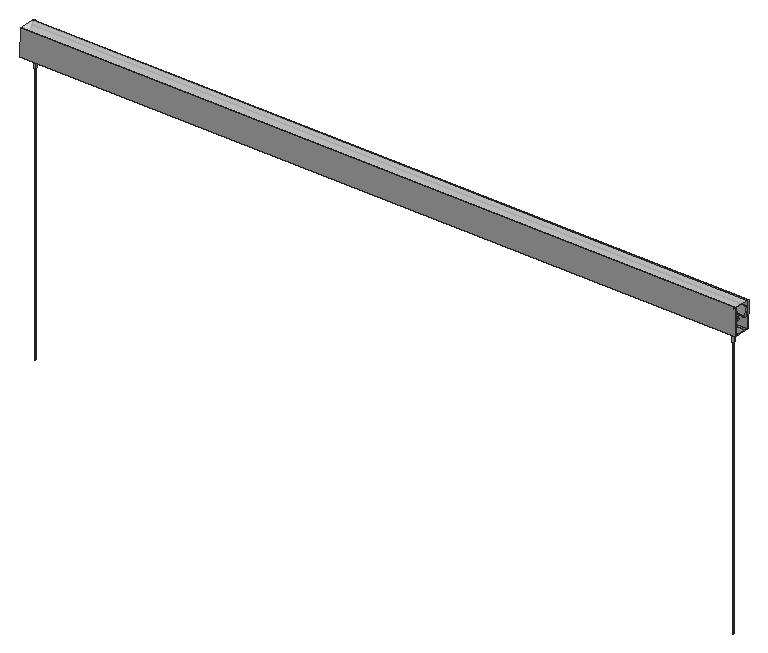
Revit family "2093092 Sylvania Lighting Fixture MC2 D I 2-4M 3K DALIEM WHT OPAL", category Lighting Fixtures, host Face, Revit 2016
Family settings
  Host = Face
  Part Type = Normal
  Round Connector Dimension = Use Diameter
  OmniClass Number = 23.80.70.11.17
  OmniClass Title = Specialized Lighting by Location or Use
  Cut with Voids When Loaded = No
  Light Source = Yes
  Shared = No
  Room Calculation Point = No
Parameters (values of type "2093092 MC2 D/I 2.4M 3K DALIEM WHT OPAL Emergency mode")
  Width_SYL = 54.0 mm
  Weight = "6.3 kg"
  Wattage = 67 W
  WarrantyStartDate [instance] = "n/a"
  WarrantyGuarantorParts = "n/a"
  WarrantyDurationUnit = "n/a"
  WarrantyDurationParts = "n/a"
  WarrantyDescription = "n/a"
  built-in parameter 1150110 = 1 (stored number, unit not read)
  Voltage = 0 V
  URL = "http://www.sylvania-lighting.com"
  TypeName = "MC2 D/I 2.4M 3K DALIEM WHT OPAL Emergency mode"
  built-in parameter 1114217 = 1 (stored number, unit not read)
  Tilt Angle = -90.00°
  built-in parameter 1150109 = 1 (stored number, unit not read)
  built-in parameter 1150134 = (empty or 0)
  built-in parameter 1150113 = 1 (stored number, unit not read)
  SerialNumber [instance] = "n/a"
  PowerFactor = 0.95
  PowerConsumption = "67 W"
  NominalWidth = 0.0 mm
  NominalLength = 2400.0 mm
  NominalHeight = 86.0 mm
  Name = "MC2 D/I 2.4M 3K DALIEM WHT OPAL Emergency mode"
  ModelReference = "MC2 D/I 2.4M 3K DALIEM WHT OPAL"
  ModelNumber = "2093092"
  Material_3_SYL = Metal_Sylvania_Mini Contiuum II_Silver
  Photometric Web File = "2093092EM.ies"
  Material_4_SYL = Metal_Sylvania_Mini Contiuum II_Silver
  MountingHeight_SYL [instance] = 1000.0 mm
  Material = "aluminium housing, polycarbonate diffuser"
  ManufacturerName = "Feilo Sylvania"
  LuminousEfficacy = "1.805 lm/W"
  LuminaireType = ""
  LightOutputRatio = "100"
  Length_SYL = 2400.0 mm
  LampsType = Lamp  # "LED"
  LampNominalLuminous = "121 lm"
  LampMacAdamStep = "3"
  LampColourTemperature = "3000 K"
  LampColourRenderingIndex = "80"
  Keynote = "16500"
  InstallationDate [instance] = "n/a"
  InputVoltage = "n/a"
  InputNominalFrequency = "n/a"
  IngressProtection = "IP20"
  ImpactProtectionIndex = "n/a"
  IfcExportType = "IfcLightFixtureType"
  IfcExportAs = "IfcLightFixtureType"
  Height_SYL = 86.0 mm
  ExpectedLife = 50000
  EndCapRight_SYL [instance] = no
  EndCapLeft_SYL [instance] = no
  Emit from Rectangle Width = Width_SYL - 2.0 mm  # 52.0 mm
  Emit from Rectangle Length = Length_SYL  # 2400.0 mm
  Emit Shape Visible in Rendering = no
  ElectricShockClassification = "Class I"
  DurationUnit = "hours"
  DocumentationLiterature = "http://www.sylvania-lighting.com/product/en-int/products/2093092"
  DimmingControlOptions = "n/a"
  CreatedOn = "10/15/2018"
  CreatedBy = "@sylvania-lighting.com"
  built-in parameter 1114216 [instance] = 1 (stored number, unit not read)
  Model = "MC2 D/I 2.4M 3K DALIEM WHT OPAL"
  Manufacturer = "Feilo Sylvania"
  built-in parameter 1150105 = 9.6289 (stored number, unit not read)
  Lumens = 121 lm
  built-in parameter 1150115 = 1 (stored number, unit not read)
  built-in parameter 1150137 = (empty or 0)
  built-in parameter 1150139 = (empty or 0)
  built-in parameter 1150112 = 1 (stored number, unit not read)
  built-in parameter 1150114 = 1 (stored number, unit not read)
  Lamp = "LED"
  built-in parameter 1150132 = 2
  built-in parameter 1150102 = (empty or 0)
  built-in parameter 1150107 = 3000 (stored number, unit not read)
  built-in parameter 1150138 = (empty or 0)
  built-in parameter 1150106 = 0.096289 (stored number, unit not read)
  Material_1_SYL = Metal_Sylvania_Mini Continuum II_White
  built-in parameter 1150104 = 0.16778 (stored number, unit not read)
  Dimming Lamp Color Temperature Shift = <None>
  Material_2_SYL = Polycarbonate_Sylvania_Mini Continuum II_Opal_4000K
  Description = "2093092   MC2 D/I 2.4M 3K DALIEM WHT OPAL  Continuous lines of LED light, white RAL 9016, direct/indirect distribution (65/35), various accessories available, compact and minimalist design based on the Golden Mean, ideal for offices, meeting rooms, corridors, education facilities, museums and libraries, extruded aluminium body, diffuser: opal, colour temperature: 3000K warm white, total system power: 67W, total fixture output: 7666lm, luminaire efficacy: 114lm/W, LOR: 100%, colour rendering: Ra >80, LED Chromacity: 1 step MacAdam ellipse, lifetime: 60,000 hours at 90% of the original output (L90), energy class: A++, A+, A, IR/UV free light source without heat radiation, operating voltage: 220-240V / 50-60Hz, drive current: (Direct) 800mA + (Indirect) 350mA, electronic driver, DALI dimmable, direct/indirect independently addressable, integral emergency: 3 hour maintained, electrical protection: CLASS I, IP20, suitable for internal environment only."
  Default Elevation = 0.0 mm
  Color Filter = 16777215
  built-in parameter 1140040 [instance] = 1
  BarCode [instance] = "n/a"
  built-in parameter 1114218 = 1 (stored number, unit not read)
  built-in parameter 1150133 = 10 (stored number, unit not read)
  AssetType = "Fixed"
  AssetIdentifier [instance] = "n/a"
  Assembly Code = "D5020200"
  Apparent Load = 67 VA
Types (2, lengths in mm): name | TypeName | Name | Photometric Web File | LuminousEfficacy | LampNominalLuminous | built-in parameter 1150105 | Lumens | built-in parameter 1150106 | built-in parameter 1150104
  2093092 MC2 D/I 2.4M 3K DALIEM WHT OPAL Emergency mode | "MC2 D/I 2.4M 3K DALIEM WHT OPAL Emergency mode" | "MC2 D/I 2.4M 3K DALIEM WHT OPAL Emergency mode" | "2093092EM.ies" | "1.805 lm/W" | "121 lm" | 9.6289 (stored number, unit not read) | 121 lm | 0.096289 (stored number, unit not read) | 0.16778 (stored number, unit not read)
  2093092 MC2 D/I 2.4M 3K DALIEM WHT OPAL | "MC2 D/I 2.4M 3K DALIEM WHT OPAL" | "MC2 D/I 2.4M 3K DALIEM WHT OPAL" | "2093092.ies" | "114 lm/W" | "7666 lm" | 607.81 (stored number, unit not read) | 7638 lm | 6.0781 (stored number, unit not read) | 10.591 (stored number, unit not read)
Reference planes
  plane 1 "Center (Front/Back)": y = 0
  plane 2 "Bottom Fixtures": z = 0
  plane 3 "Center (Left/Right)": x = 0
  plane 4 "Fixture Left": x = -1200
  plane 5 "Fixture Right": x = 1200
  plane 6 "Fixture Bottom": z = 1000
  plane 7: z = 998
  plane 8: z = 996
  plane 9: z = 986.951
  plane 10: z = 956.951
  plane 11 "Fixture Top": z = 914
  plane 12 "Mounting Right": x = 1172
  plane 13 "Mounting Left": x = -1172
  plane 14: z = 879
  plane 15: y = 27
  plane 16: y = -27
  plane 17: y = -26
  plane 18: y = -25
  plane 19: y = 26
  plane 20: y = 25
  plane 21: y = 11
  plane 22: y = -11
  plane 23: y = 24
  plane 24: y = 22
  plane 25: y = -22
  plane 26: y = 15
  plane 27: y = -15
  plane 28 "Upper Diffuser Left": x = -1050
  plane 29 "Upper Diffuser Right": x = 1050
  plane 30: x = -1202
  plane 31: x = 1202
Forms (mm)
  Extrusion 1, solid, material "Metal_Sylvania_Mini Continuum II_White" <- "Material_1_SYL", detail levels fine
    sketch origin (0, 0, 520) x (0, 1, 0) y (0, 0, 1)
      loop
        line (27, 480) -> (26, 480) -> (26, 478) -> (25, 478) -> (25, 396) -> (13, 396) -> (13, 398) -> (-13, 398) -> (-13, 396) -> (-25, 396) -> (-25, 478) -> (-26, 478) -> (-26, 480) -> (-27, 480) -> (-27, 394) -> (-11, 394) -> (-11, 396) -> (11, 396) -> (11, 394) -> (27, 394) -> (27, 480)
    from -1200 to 1200
  Extrusion 2, solid, material "Polycarbonate_Sylvania_Mini Continuum II_Opal_4000K" <- "Material_2_SYL", detail levels fine
    sketch origin (0, 0, 520) x (0, 1, 0) y (0, 0, 1)
      loop
        line (-26, 480) -> (-26, 478) -> (26, 478) -> (26, 480) -> (-26, 480)
    from -1200 to 1200
  Extrusion 3, solid, material "Metal_Sylvania_Mini Contiuum II_Silver" <- "Material_3_SYL", detail levels fine
    sketch origin (0, 0, 520) x (0, 1, 0) y (0, 0, 1)
      loop
        line (22, 466.951) -> (20.973, 466.951) -> (14.206, 437.951) -> (11, 437.951) -> (11, 436.951) -> (15, 436.951) -> (22, 466.951)
      loop
        line (-15, 436.951) -> (-11, 436.951) -> (-11, 437.951) -> (-14.206, 437.951) -> (-20.973, 466.951) -> (-22, 466.951) -> (-15, 436.951)
    from -1200 to 1200
  Extrusion 4, solid, material "Metal_Sylvania_Mini Continuum II_White" <- "Material_1_SYL", detail levels coarse+medium
    sketch origin (0, 0, 520) x (0, 1, 0) y (0, 0, 1)
      loop
        line (-27, 480) -> (-27, 394) -> (27, 394) -> (27, 480) -> (-27, 480)
    from -1200 to 1200
  Extrusion 5, solid, material "Metal_Sylvania_Mini Contiuum II_Silver" <- "Material_4_SYL", detail levels fine
    sketch origin (0, 0, -86) x (-1, 0, 0) y (0, -1, 0)
      loop
        circle (1172, 0) r 4
      loop
        circle (-1172, 0) r 4
    from 965 to 1002
  Extrusion 6, solid, material "Metal_Sylvania_Mini Contiuum II_Silver" <- "Material_4_SYL", detail levels fine
    sketch origin (0, 0, -86) x (-1, 0, 0) y (0, -1, 0)
      loop
        circle (-1172, 0) r 1
      loop
        circle (1172, 0) r 1
    from 86 to 965
  Extrusion 7, solid, material "Polycarbonate_Sylvania_Mini Continuum II_Opal_4000K" <- "Material_2_SYL", detail levels fine
    sketch origin (0, 0, 0) x (0, 1, 0) y (0, 0, 1)
      loop
        arc (11, 916) -> (5.59, 914.504) -> (0, 914) r 31.25
        arc (0, 914) -> (-5.59, 914.504) -> (-11, 916) r 31.25
        line (-11, 916) -> (-11, 914.934)
        arc (-11, 914.934) -> (-5.584, 913.487) -> (0, 913) r 32.25
        arc (0, 913) -> (5.584, 913.487) -> (11, 914.934) r 32.25
        line (11, 914.934) -> (11, 916)
    from -1050 to 1050
  Extrusion 8, void
    sketch origin (0, 0, 0) x (0, 1, 0) y (0, 0, 1)
      loop
        line (11, 918) -> (-11, 918) -> (-11, 916) -> (11, 916) -> (11, 918)
    from -1050 to 1050
  Extrusion 9, solid, material "Metal_Sylvania_Mini Continuum II_White" <- "Material_1_SYL", visible <- "EndCapLeft_SYL"
    sketch origin (-1200, 171.684, 1219.2) x (0, 1, 0) y (0, 0, 1)
      loop
        line (-198.684, -305.2) -> (-144.684, -305.2) -> (-144.684, -219.2) -> (-198.684, -219.2) -> (-198.684, -305.2)
    from 0 to -2
  Extrusion 10, solid, material "Metal_Sylvania_Mini Continuum II_White" <- "Material_1_SYL", visible <- "EndCapRight_SYL"
    sketch origin (1200, 171.684, 1219.2) x (0, 1, 0) y (0, 0, -1)
      loop
        line (-144.684, 219.2) -> (-144.684, 305.2) -> (-198.684, 305.2) -> (-198.684, 219.2) -> (-144.684, 219.2)
    from 0 to -2
Cuts and joins
  Extrusion 8 cuts Extrusion 1
Lines and regions (mm)
  Masking region 1
    outline origin (0, 0, -86) x (-1, 0, 0) y (0, -1, 0)
      loop
        line (1200, -27) -> (1200, 27) -> (-1200, 27) -> (-1200, -27) -> (1200, -27)
  symbolic lines, detail levels fine
    curve 1: line (-1200, 26, -86) -> (1200, 26, -86)
    curve 2: line (-1200, -26, -86) -> (1200, -26, -86)
  model lines, detail levels coarse+medium
    curve 3: line (-1172, 0, 914) -> (-1172, 0, 0)
    curve 4: line (1172, 0, 914) -> (1172, 0, 0)
Dimensions and locks
  host sketch curve to plane 3 "Center (Left/Right)" to host sketch curve = 820.0 mm, 775.047 mm
  equal spacing: plane 4 "Fixture Left", plane 3 "Center (Left/Right)", plane 5 "Fixture Right"
  "Length_SYL": plane 4 "Fixture Left" to plane 5 "Fixture Right"
  plane 6 "Fixture Bottom" to plane 7 to plane 8 to plane 9 to plane 10 = 2.0 mm locked, 2.0 mm locked, 9.049 mm locked, 30.0 mm locked
  locked: Extrusion 1 sketch curve to Extrusion 1 sketch curve at 2
  locked: Extrusion 1 sketch curve to plane 11 "Fixture Top" at 2
  "Height_SYL": plane 6 "Fixture Bottom" to plane 11 "Fixture Top"
  locked: plane 12 "Mounting Right" to plane 5 "Fixture Right" at 28
  locked: plane 4 "Fixture Left" to plane 13 "Mounting Left" at 28
  locked: plane 11 "Fixture Top" to plane 14 at 35
  "MountingHeight_SYL": plane 6 "Fixture Bottom" to plane 2 "Bottom Fixtures"
  equal spacing: plane 15, plane 1 "Center (Front/Back)", plane 16
  "Width_SYL": plane 15 to plane 16
  plane 22 to plane 27 to plane 25 to plane 18 to plane 17 to plane 16 = 4.0 mm locked, 7.0 mm locked, 3.0 mm locked, 1.0 mm locked, 1.0 mm locked
  plane 15 to plane 19 to plane 20 to plane 23 to plane 24 to plane 26 to plane 21 = 1.0 mm locked, 1.0 mm locked, 1.0 mm locked, 2.0 mm locked, 7.0 mm locked, 4.0 mm locked
  locked: plane 4 "Fixture Left" to plane 28 "Upper Diffuser Left" at 150
  locked: plane 29 "Upper Diffuser Right" to plane 5 "Fixture Right" at 150
  equal spacing: plane 30, plane 3 "Center (Left/Right)", plane 31
  locked: plane 30 to plane 4 "Fixture Left" at 2
  aligned and locked: plane 2 "Bottom Fixtures" to host face
  aligned and locked: level to host face
  aligned and locked: plane 5 "Fixture Right" to curve 1
  aligned and locked: plane 4 "Fixture Left" to curve 1
  aligned and locked: plane 4 "Fixture Left" to curve 2
  aligned and locked: plane 5 "Fixture Right" to curve 2
  aligned and locked: Extrusion 1 sketch curve to plane 7
  aligned and locked: plane 6 "Fixture Bottom" to Extrusion 1 sketch curve  (x2)
  aligned and locked: plane 7 to Extrusion 1 sketch curve
  aligned and locked: Extrusion 1 to Extrusion 2 sketch curve
  aligned and locked: Extrusion 2 sketch curve to Extrusion 1  (x3)
  aligned and locked: Extrusion 3 sketch curve to plane 10
  aligned and locked: plane 9 to Extrusion 3 sketch curve
  aligned and locked: Extrusion 3 sketch curve to plane 9
  aligned and locked: Extrusion 4 sketch curve to plane 6 "Fixture Bottom"
  aligned and locked: Extrusion 4 to plane 4 "Fixture Left"
  aligned and locked: Extrusion 2 to plane 4 "Fixture Left"
  aligned and locked: Extrusion 3 to plane 4 "Fixture Left"
  aligned and locked: Extrusion 1 to plane 4 "Fixture Left"
  aligned and locked: Extrusion 4 to plane 5 "Fixture Right"
  aligned and locked: Extrusion 2 to plane 5 "Fixture Right"
  aligned and locked: Extrusion 3 to plane 5 "Fixture Right"
  aligned and locked: Extrusion 1 to plane 5 "Fixture Right"
  aligned and locked: plane 11 "Fixture Top" to Extrusion 4 sketch curve
  aligned and locked: Extrusion 1 sketch curve to plane 11 "Fixture Top"  (x2)
  aligned and locked: Extrusion 1 sketch curve to Extrusion 1 sketch curve
  aligned and locked: plane 6 "Fixture Bottom" to imposter light
  aligned and locked: plane 11 "Fixture Top" to curve 3
  aligned and locked: plane 2 "Bottom Fixtures" to curve 3
  aligned and locked: plane 11 "Fixture Top" to curve 4
  aligned and locked: plane 2 "Bottom Fixtures" to curve 4
  aligned and locked: curve 4 to plane 12 "Mounting Right"
  aligned and locked: curve 3 to plane 13 "Mounting Left"
  aligned and locked: Extrusion 5 to Extrusion 1
  aligned and locked: Extrusion 5 to plane 14
  aligned and locked: plane 14 to Extrusion 6
  aligned and locked: Extrusion 6 to level
  aligned and locked: plane 11 "Fixture Top" to Extrusion 7 sketch curve
  aligned and locked: Extrusion 7 to plane 28 "Upper Diffuser Left"
  aligned and locked: Extrusion 7 to plane 29 "Upper Diffuser Right"
  aligned and locked: plane 21 to Extrusion 3 sketch curve
  aligned and locked: Extrusion 3 sketch curve to plane 22
  aligned and locked: Extrusion 8 sketch curve to plane 21
  aligned and locked: Extrusion 8 sketch curve to plane 22
  aligned and locked: Extrusion 8 sketch curve to Extrusion 1  (x2)
  aligned and locked: Extrusion 8 to Extrusion 7  (x2)
  aligned and locked: plane 21 to Extrusion 7 sketch curve
  aligned and locked: plane 1 "Center (Front/Back)" to Extrusion 7 sketch curve
  aligned and locked: plane 22 to Extrusion 7 sketch curve
  aligned and locked: Extrusion 9 sketch curve to Extrusion 4  (x4)
  aligned and locked: Extrusion 9 to plane 30
  aligned and locked: plane 4 "Fixture Left" to Extrusion 9
  aligned and locked: Extrusion 10 sketch curve to Extrusion 4  (x4)
  aligned and locked: plane 31 to Extrusion 10
  aligned and locked: plane 5 "Fixture Right" to Extrusion 10
Automatic sketch dimensions
  host sketch curve to host sketch curve = 1047.463 mm
  plane 19 to curve 1 = 0.0 mm
  curve 2 to plane 17 = 0.0 mm
  Masking region 1 sketch curve to plane 5 "Fixture Right" = 0.0 mm
  Masking region 1 sketch curve to plane 4 "Fixture Left" = 0.0 mm
  plane 15 to Masking region 1 sketch curve = 0.0 mm
  Masking region 1 sketch curve to plane 16 = 0.0 mm
  Extrusion 1 sketch curve to plane 16 = 0.0 mm
  Extrusion 1 sketch curve to plane 17 = 0.0 mm
  Extrusion 1 sketch curve to plane 18 = 0.0 mm
  Extrusion 1 sketch curve to plane 22 = 0.0 mm
  Extrusion 1 sketch curve to plane 21 = 0.0 mm
  Extrusion 1 sketch curve to plane 20 = 0.0 mm
  Extrusion 1 sketch curve to plane 19 = 0.0 mm
  Extrusion 1 sketch curve to plane 15 = 0.0 mm
  plane 11 "Fixture Top" to Extrusion 1 sketch curve = 2.0 mm
  Extrusion 1 sketch curve to plane 22 = 2.0 mm
  Extrusion 1 sketch curve to plane 21 = 2.0 mm
  Extrusion 3 sketch curve to plane 25 = 0.0 mm
  Extrusion 3 sketch curve to plane 27 = 0.0 mm
  Extrusion 3 sketch curve to plane 26 = 0.0 mm
  Extrusion 3 sketch curve to plane 24 = 0.0 mm
  plane 10 to Extrusion 3 sketch curve = 1.0 mm
  Extrusion 3 sketch curve to Extrusion 3 sketch curve = 1.027 mm
  plane 27 to Extrusion 3 sketch curve = 0.794 mm
  plane 26 to Extrusion 3 sketch curve = 0.794 mm
  plane 24 to Extrusion 3 sketch curve = 1.027 mm
  Extrusion 4 sketch curve to plane 16 = 0.0 mm
  Extrusion 4 sketch curve to plane 15 = 0.0 mm
  plane 1 "Center (Front/Back)" to Extrusion 5 sketch curve = 0.0 mm  (x2)
  Extrusion 5 sketch curve to plane 12 "Mounting Right" = 0.0 mm
  Extrusion 5 sketch curve to plane 13 "Mounting Left" = 0.0 mm
  plane 1 "Center (Front/Back)" to Extrusion 6 sketch curve = 0.0 mm  (x2)
  Extrusion 6 sketch curve to plane 12 "Mounting Right" = 0.0 mm
  Extrusion 6 sketch curve to plane 13 "Mounting Left" = 0.0 mm
  Extrusion 7 sketch curve to Extrusion 7 sketch curve = 0.0 mm  (x4)
  plane 11 "Fixture Top" to Extrusion 7 sketch curve = 0.934 mm
  Extrusion 3 sketch curve to Extrusion 3 sketch curve = 0.0 mm
  Extrusion 3 sketch curve to plane 10 = 0.0 mm
  plane 11 "Fixture Top" to Extrusion 7 sketch curve = 2.0 mm
  radius of Extrusion 5 sketch curve = 4.0 mm  (x2)
  radius of Extrusion 6 sketch curve = 1.0 mm  (x2)
Connectors
  electrical at (1200, 0, 949), driven by "Apparent Load"
    settings: on Extrusion 1, index 1, voltage 230 V, apparent load 0 VA, apparent load phase1 67 VA, apparent load phase2 0 VA, apparent load phase3 0 VA, power factor 1, load classification "Lighting", number of poles 1, system type 31, power factor state 1, is connector primary yes, connector utility no, sub classification motor no, connector description ""
